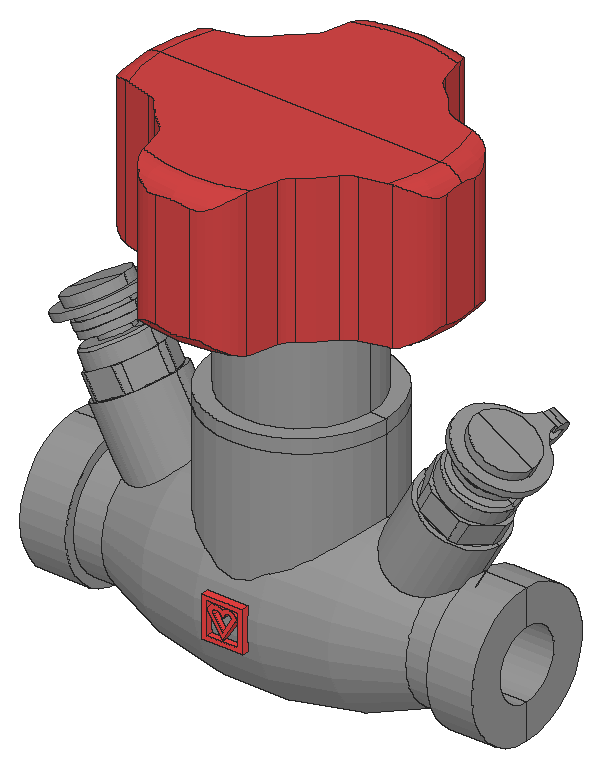
Revit family "HERZ Strömax клапан балансировочный с измерительными клапанами 4217 GM (LF-MF)", category Rohrzubehör, Revit 2018
Family settings
  Bemaßung runder Anschluss = Durchmesser verwenden
  Teiletyp = Unterbricht
  OmniClass-Nummer = 23.65.55.14
  OmniClass-Titel = Valves for Liquid Services
  Arbeitsebenenbasiert = Nein
  Immer vertikal = Ja
  Beim Laden mit Abzugskörper schneiden = Nein
  Gemeinsam genutzt = Nein
Parameters (values of type "LF")
  Среда = "Качество теплоносителя в соответствии с ÖNORM H5195 и VDI 2035.\r\nДопускается использование этилен- и пропиленгликоля в соотношении 25-50% с водой."
  Положение клапана при монтаже = "Неподнимающийся шпиндель, расположенный перпендикулярно оси клапана, обеспечивает доступность и лёгкость в обслуживании в любом монтажном положении."
  Область применения = "Балансировочные клапаны применяются для гидравлической балансировки систем отопления и охлаждения, регулировки магистральных трубопроводов, стояков, теплообменников, регистров отопления и охлаждения."
  Номер заказа [instance] = if(and(LF, Nennweite = 15.00 mm), 1421730, if(and(MF, Nennweite = 15.00 mm), 1421731, 0))  # 1421730
  Макс. рабочее давление = 1600000.0 Pa  # constant formula
  Макс. рабочая температура (с DN40) = 110 °C  # constant formula
  Макс. рабочая температура (до DN32) = 130 °C  # constant formula
  Корпус = "латунь, устойчивая к селективной цинковой коррозии"  # constant formula
  Исполнение = "STRÖMAX-GM Балансировочный клапан с измерительными клапанами, 1/2′′ – 3′′.\r\nИсполнение с прямым невыдвижным шпинделем, муфта х муфта, латунный корпус без покрытия, уплотнение шпинделя двойным кольцевым уплотнением O-Ring, преднастройка посредством ограничения хода внутреннего шпинделя, цифровые показания степени настройки отображаются в окне маховика.\r\nДва измерительных клапана расположены рядом с маховиком."
  Измерение перепада давления = "Клапаны STRÖMAX-GM оснащен двумя измерительными клапанами:\r\nс помощью измерительного прибора можно измерить перепад давления и по нему определить текущий расход в зависимости от степени преднастройки.\r\nHERZ Измерительный компьютер (1 8900 05) позволяет напрямую считывать расход (см. руководство к измерительным приборам)."
  kvs-значения [instance] = if(and(LF, Nennweite = 15.00 mm), 0.93, if(and(MF, Nennweite = 15.00 mm), 3.49, 0))  # 0.93
  W02 = 60.00°  # constant formula
  W01 = 30.00°  # constant formula
  URL = "www.herz-armaturen.ru"
  SC_NennweiteBerechnet = 0
  SC_Dimension = ""
  SCRNSEQ = "ARM;ARM_TYP=\"STRV\";2"
  SCRNCODE = "05;07;02"  # constant formula
  S02 = 60.00 mm  # constant formula
  S01 [instance] = H00 + H01  # 68.20 mm
  R01 [instance] = 21.00 mm  # constant formula
  Nennweite [instance] = 15.00 mm
  ML02 [instance] = 30.20 mm  # constant formula
  ML01 [instance] = 20.67 mm  # constant formula
  MF [instance] = no
  MD01 = 9.50 mm  # constant formula
  LF [instance] = yes
  L02 [instance] = 10.00 mm  # constant formula
  L01 [instance] = 16.30 mm  # constant formula
  L00 [instance] = 100.00 mm  # constant formula
  IG [instance] = Nennweite / 2  # 7.50 mm
  Hersteller = "HERZ Armaturen Ges.m.b.H."  # constant formula
  H04 [instance] = 2.50 mm  # constant formula
  H03 = 10.00 mm  # constant formula
  H02 [instance] = 3.00 mm  # constant formula
  H01 [instance] = 33.30 mm  # constant formula
  H00 [instance] = 34.90 mm  # constant formula
  Вес [instance] = if(and(LF, Nennweite = 15.00 mm), "0.86 kg", if(and(MF, Nennweite = 15.00 mm), "0.89 kg", "0 kg"))  # "0.86 kg"
  GT [instance] = 15.00 mm  # constant formula
  DN50-DN80 [instance] = H00 + H01  # 68.20 mm
  DN15-DN40 [instance] = H00 + H01  # 68.20 mm
  DN15 [instance] = Nennweite = 15.00 mm  # yes
  D06 [instance] = 15.40 mm  # constant formula
  D05 [instance] = 13.15 mm  # constant formula
  D04 = 9.00 mm  # constant formula
  D03 [instance] = 19.00 mm  # constant formula
  D02 [instance] = 15.25 mm  # constant formula
  D01 [instance] = 13.20 mm  # constant formula
Types (3, lengths in mm): name | Номер заказа | kvs-значения | MF | LF | Вес
  (no name) | 1421730 | 0.93 | no | yes | "0.86 kg"
  LF | 1421730 | 0.93 | no | yes | "0.86 kg"
  MF | 1421731 | 3.49 | yes | no | "0.89 kg"
Reference planes
  plane 1 "Mitte (Vorne/hinten)": y = 0
  plane 2: z = 0
  plane 3 "Mitte (Links/rechts)": x = 0
Forms (mm)
  Revolve 1, solid, material "Messing, weicher Gelbton, geschweißt", detail levels fine
    sketch origin (0, 0, 0) x (1, 0, 0) y (0, 0, 1)
      loop
        line (-50, 15.25) -> (-50, 7.5) -> (-35, 7.5) -> (-35, 0) -> (35, 0) -> (35, 7.5) -> (50, 7.5) -> (50, 15.25) -> (40, 15.25) -> (40, 13.2) -> (33.7, 13.2)
        arc (33.7, 13.2) -> (0, 21) -> (-33.7, 13.2) r 76.701
        line (-33.7, 13.2) -> (-40, 13.2) -> (-40, 15.25) -> (-50, 15.25)
      axis (-50, 0) -> (50, 0)
    angle from 0 to 360
  Revolve 2, solid, material "Messing, weicher Gelbton, geschweißt", detail levels fine
    sketch origin (0, 0, 0) x (1, 0, 0) y (0, 0, 1)
      loop
        line (20.67, 0) -> (35.77, 26.154) -> (27.543, 30.904) -> (12.443, 4.75) -> (20.67, 0)
      axis (20.67, 0) -> (35.77, 26.154)
    angle from 0 to 360
  Revolve 3, solid, material "Messing, weicher Gelbton, geschweißt", detail levels fine
    sketch origin (0, 0, 0) x (1, 0, 0) y (0, 0, 1)
      loop
        line (0, 0) -> (0, 34.9) -> (-19, 34.9) -> (-19, 0) -> (0, 0)
      axis (0, 34.9) -> (0, 0)
    angle from 0 to 360
  Revolve 4, solid, material "Messing, weicher Gelbton, geschweißt", detail levels fine
    sketch origin (0, 0, 0) x (-1, 0, 0) y (0, 0, 1)
      loop
        line (20.67, 0) -> (35.77, 26.154) -> (27.543, 30.904) -> (12.443, 4.75) -> (20.67, 0)
      axis (20.67, 0) -> (35.77, 26.154)
    angle from 0 to 360
  Revolve 5, solid, material "Messing, weicher Gelbton, geschweißt", detail levels fine
    sketch origin (0, 0, 0) x (1, 0, 0) y (0, 0, 1)
      loop
        line (0, 34.9) -> (0, 68.2) -> (-9, 68.2) -> (-9, 58.2) -> (-13.15, 58.2) -> (-13.15, 55.7) -> (-15.4, 55.7) -> (-15.4, 37.9) -> (-19, 37.9) -> (-19, 34.9) -> (0, 34.9)
      axis (0, 68.2) -> (0, 34.9)
    angle from 0 to 360
Lines and regions (mm)
  model lines, detail levels coarse+medium
    curve 1: line (-50, 0, 15.25) -> (-50, 0, -15.25)
    curve 2: line (-50, 0, -15.25) -> (50, 0, 15.25)
    curve 3: line (50, 0, 15.25) -> (50, 0, -15.25)
    curve 4: line (50, 0, -15.25) -> (-50, 0, 15.25)
    curve 5: line (0, 0, 0) -> (39.375, 0, 68.2)
    curve 6: line (13.395, 0, 83.2) -> (65.356, 0, 53.2)
    curve 7: line (-50, 15.25, 0) -> (-50, -15.25, 0)
    curve 8: line (-50, -15.25, 0) -> (50, 15.25, 0)
    curve 9: line (50, 15.25, 0) -> (50, -15.25, 0)
    curve 10: line (50, -15.25, 0) -> (-50, 15.25, 0)
    curve 11: line (0, 0, 0) -> (39.375, 68.2, 0)
    curve 12: line (13.395, 83.2, 0) -> (65.356, 53.2, 0)
Dimensions and locks
  "IG": Revolve 1 sketch curve to plane 2
  "GT": Revolve 1 sketch curve to Revolve 1 sketch curve  (x2)
  "IG": Revolve 1 sketch curve to Revolve 1 sketch curve
  "D01": Revolve 1 sketch curve to Revolve 1 sketch curve  (x2)
  "R01": Revolve 1 sketch curve to Revolve 1 sketch curve
  "L02": Revolve 1 sketch curve to Revolve 1 sketch curve  (x2)
  "L01": Revolve 1 sketch curve to Revolve 1 sketch curve  (x2)
  "D02": Revolve 1 sketch curve to plane 2  (x2)
  equal spacing: Revolve 1 sketch curve, plane 3 "Mitte (Links/rechts)", Revolve 1 sketch curve
  "L00": Revolve 1 sketch curve to Revolve 1 sketch curve
  "R01": nested 1 to plane 1 "Mitte (Vorne/hinten)"
  "ML01": Revolve 2 sketch curve to plane 3 "Mitte (Links/rechts)"
  "H00": Revolve 3 sketch curve to plane 2
  "D03": Revolve 3 sketch curve to Revolve 3 sketch curve
  "ML02": Revolve 2 sketch curve to Revolve 2 sketch curve
  "MD01": Revolve 2 sketch curve to Revolve 2 sketch curve  (x2)
  "ML02": Revolve 4 sketch curve to Revolve 4 sketch curve
  "MD01": Revolve 4 sketch curve to Revolve 4 sketch curve  (x2)
  "ML01": plane 3 "Mitte (Links/rechts)" to Revolve 4 sketch curve
  "H00": Revolve 5 sketch curve to plane 2
  "H01": Revolve 5 sketch curve to Revolve 5 sketch curve
  "D04": Revolve 5 sketch curve to Revolve 5 sketch curve
  "D03": Revolve 5 sketch curve to Revolve 5 sketch curve
  "D05": Revolve 5 sketch curve to Revolve 5 sketch curve
  "D06": Revolve 5 sketch curve to Revolve 5 sketch curve
  "H02": Revolve 5 sketch curve to Revolve 5 sketch curve
  "H03": Revolve 5 sketch curve to Revolve 5 sketch curve
  "H04": Revolve 5 sketch curve to Revolve 5 sketch curve
  "DN15-DN40": nested 2 to plane 2
  "D02": curve 4 to plane 2 to curve 2
  "D02": curve 3 to plane 2 to curve 4
  equal spacing: curve 1, plane 3 "Mitte (Links/rechts)", curve 3
  "L00": curve 1 to curve 3
  equal spacing: Revolve 1, curve 5, Revolve 1
  "S01": curve 5 to plane 2
  equal spacing: curve 6, curve 5, curve 6
  "S02": curve 6 to curve 6
  "D02": curve 8 to plane 1 "Mitte (Vorne/hinten)" to curve 10
  "D02": curve 10 to plane 1 "Mitte (Vorne/hinten)" to curve 9
  equal spacing: curve 7, plane 3 "Mitte (Links/rechts)", curve 9
  "L00": curve 7 to curve 9
  equal spacing: curve 7, curve 11, curve 9
  "S01": plane 1 "Mitte (Vorne/hinten)" to curve 11
  equal spacing: curve 12, curve 11, curve 12
  "S02": curve 12 to curve 12
  "W01": angle Revolve 2 sketch curve to plane 3 "Mitte (Links/rechts)"  (x2)
  "W01": angle plane 3 "Mitte (Links/rechts)" to Revolve 4 sketch curve  (x2)
  "W02": angle plane 2 to curve 5
  "W02": angle plane 1 "Mitte (Vorne/hinten)" to curve 11
  aligned and locked: level to plane 2
Automatic sketch dimensions
  Revolve 1 sketch curve to level = 0.00 mm  (x2)
  Revolve 1 sketch curve to Revolve 1 sketch curve = 1429.986 mm
  Revolve 1 sketch curve to Revolve 1 sketch curve = 1762.604 mm
  Revolve 2 sketch curve to level = 0.00 mm  (x2)
  Revolve 3 sketch curve to level = 0.00 mm
  Revolve 3 sketch curve to plane 3 "Mitte (Links/rechts)" = 0.00 mm  (x2)
  Revolve 3 sketch curve to Revolve 3 sketch curve = 366.045 mm
  Revolve 3 sketch curve to Revolve 3 sketch curve = 2179.415 mm
  Revolve 4 sketch curve to level = 0.00 mm  (x2)
  Revolve 5 sketch curve to plane 3 "Mitte (Links/rechts)" = 0.00 mm  (x2)
  Revolve 5 sketch curve to level = 366.045 mm
  Revolve 5 sketch curve to Revolve 5 sketch curve = 2146.115 mm
Nested families
  nested 1: "Herz-Logo-vorne" at (0, -21, 0) x (0, 1, 0) z (0, 0, 1), type "Herz-Logo-vorne", detail levels fine
  nested 2: "Strangregulierventil-Handrad-Gerade (Rot) DN15-DN40" at (0, 0, 68.2), visible <- "DN15", type "Strangregulierventil-Handrad-Gerade (Rot) DN15-DN40", detail levels fine
    with Nennweite 0.00 mm, Gewicht 0.00 kg, Bestellnummer 0
  nested 3: "Messstutzen_Band_Austritt_30Grad_(oben)" at (27.02, 0, 10.999), visible <- "DN15", type "Messstutzen_Band_Austritt_30Grad_(oben)", detail levels fine
    with Schutzkappe yes, Nennweite 0.00 mm, Gewicht 0.00 kg, Bestellnummer 0
  nested 4: "Messstutzen_Band_Eintritt_30Grad_(oben)" at (-27.02, 0, 10.999) x (-1, 0, 0) z (0, 0, 1), visible <- "DN15", type "Messstutzen_Band_Eintritt_30Grad_(oben)", detail levels fine
    with Schutzkappe yes, Nennweite 0.00 mm, Gewicht 0.00 kg, Bestellnummer 0
Connectors
  piping at (-35, 0, 0), diameter 15, driven by "Nennweite"
    settings: on Revolve 1, index 1, connector inside diameter 609.6 mm, connector length 0.00 mm, flow factor 0, pipe flow 0.0 L/s, pressure drop 0.0 Pa, fitting loss kfactor 0, connector angle 0.00°, fixture units 0, engagement length 0.00 mm, angle of deflection 0.00°, flow configuration 0, flow direction 1, fitting loss method 0, system type 29, joint type 0, gender type 0, connector reference index -1, connector utility 0, adjustable connector no, is connector primary yes, connector description ""
  piping at (35, 0, 0), diameter 15, driven by "Nennweite"
    settings: on Revolve 1, index 2, connector inside diameter 609.6 mm, connector length 0.00 mm, flow factor 0, pipe flow 0.0 L/s, pressure drop 0.0 Pa, fitting loss kfactor 0, connector angle 0.00°, fixture units 0, engagement length 0.00 mm, angle of deflection 0.00°, flow configuration 0, flow direction 2, fitting loss method 0, system type 29, joint type 0, gender type 0, connector reference index -1, connector utility 0, adjustable connector no, is connector primary no, connector description ""
Definition of nested family "Herz-Logo-vorne"
  Reference planes
    plane 1 "Mitte (Vorne/hinten)": y = 0
    plane 2: z = 0
    plane 3 "Mitte (Links/rechts)": x = 0
  Forms (mm)
    Extrusion 1, solid
      sketch origin (0.732, -0.018, 0.017) x (0, -1, 0) y (0, 0, 1)
        loop
          line (-0.018, -4.517) -> (4.482, -4.517) -> (4.482, 4.483) -> (-4.518, 4.483) -> (-4.518, -4.517) -> (-0.018, -4.517)
        loop
          line (-0.05, -3.48) -> (3.482, -3.48) -> (3.482, 3.483) -> (-3.518, 3.483) -> (-3.518, -3.48) -> (-0.05, -3.48)
        loop
          arc (-0.018, 2.383) -> (-1.543, 3.287) -> (-3.067, 2.383) r 1.738
          arc (-3.067, 2.383) -> (-3.191, 1.899) -> (-3.067, 1.415) r 1.009
          line (-3.067, 1.415) -> (-0.018, -3.281) -> (3.032, 1.415)
          arc (3.032, 1.415) -> (3.156, 1.899) -> (3.032, 2.383) r 1.009
          arc (3.032, 2.383) -> (1.507, 3.287) -> (-0.018, 2.383) r 1.738
        loop
          arc (1.885, 1.272) -> (2.005, 1.675) -> (1.885, 2.079) r 0.74
          arc (1.885, 2.079) -> (1.265, 2.416) -> (0.644, 2.079) r 0.74
          line (0.644, 2.079) -> (-0.018, 0.97) -> (-0.679, 2.079)
          arc (-0.679, 2.079) -> (-1.3, 2.416) -> (-1.921, 2.079) r 0.74
          arc (-1.921, 2.079) -> (-2.04, 1.675) -> (-1.921, 1.272) r 0.74
          line (-1.921, 1.272) -> (-0.018, -1.658) -> (1.885, 1.272)
      from 0 to 1.5
  Dimensions and locks
    aligned and locked: level to plane 2
Definition of nested family "Strangregulierventil-Handrad-Gerade (Rot) DN15-DN40"
  Parameters (values of type "Strangregulierventil-Handrad-Gerade (Rot) DN15-DN40")
    URL = "www.herz-armaturen.at"
    Nennweite [instance] = 0.00 mm
    Manufacturer = "Herz Armaturen GmbH"  # constant formula
    Gewicht [instance] = 0.00 kg
    Bestellnummer [instance] = 0
  Reference planes
    plane 1 "Mitte (Vorne/hinten)": y = 0
    plane 2: z = 0
    plane 3 "Mitte (Links/rechts)": x = 0
  Forms (mm)
    Revolve 1, solid, detail levels fine
      sketch origin (0, 0, 0) x (1, 0, 0) y (0, 0, 1)
        loop
          line (0, 0) -> (0, 24.95) -> (-30.992, 24.95)
          arc (-30.992, 24.95) -> (-34.37, 23.636) -> (-35.973, 20.386) r 5
          line (-35.973, 20.386) -> (-37, 8.65) -> (-35.986, -2.936)
          arc (-35.986, -2.936) -> (-34.383, -6.186) -> (-31.005, -7.5) r 5
          line (-31.005, -7.5) -> (-15, -7.5) -> (-15, 0) -> (0, 0)
        axis (0, 24.95) -> (0, -7.5)
      angle from 0 to 360
    Extrusion 2, void
      sketch origin (0, 0, 20.3) x (1, 0, 0) y (0, 1, 0)
        loop
          line (3.861, 35.5) -> (-3.861, 35.5)
          arc (-3.861, 35.5) -> (-8.731, 33.847) -> (-11.589, 29.571) r 8
          line (-11.589, 29.571) -> (-13.284, 23.245)
          arc (-13.284, 23.245) -> (-13.982, 21.722) -> (-15.144, 20.516) r 5
          arc (-15.144, 20.516) -> (-18.031, 18.031) -> (-20.516, 15.144) r 25.5
          arc (-20.516, 15.144) -> (-21.722, 13.982) -> (-23.245, 13.284) r 5
          line (-23.245, 13.284) -> (-29.571, 11.589)
          arc (-29.571, 11.589) -> (-33.847, 8.731) -> (-35.5, 3.861) r 8
          line (-35.5, 3.861) -> (-35.5, -3.861)
          arc (-35.5, -3.861) -> (-33.847, -8.731) -> (-29.571, -11.589) r 8
          line (-29.571, -11.589) -> (-23.245, -13.284)
          arc (-23.245, -13.284) -> (-21.722, -13.982) -> (-20.516, -15.144) r 5
          arc (-20.516, -15.144) -> (-18.031, -18.031) -> (-15.144, -20.516) r 25.5
          arc (-15.144, -20.516) -> (-13.982, -21.722) -> (-13.284, -23.245) r 5
          line (-13.284, -23.245) -> (-11.589, -29.571)
          arc (-11.589, -29.571) -> (-8.731, -33.847) -> (-3.861, -35.5) r 8
          line (-3.861, -35.5) -> (3.861, -35.5)
          arc (3.861, -35.5) -> (8.731, -33.847) -> (11.589, -29.571) r 8
          line (11.589, -29.571) -> (13.284, -23.245)
          arc (13.284, -23.245) -> (13.982, -21.722) -> (15.144, -20.516) r 5
          arc (15.144, -20.516) -> (18.031, -18.031) -> (20.516, -15.144) r 25.5
          arc (20.516, -15.144) -> (21.722, -13.982) -> (23.245, -13.284) r 5
          line (23.245, -13.284) -> (29.571, -11.589)
          arc (29.571, -11.589) -> (33.847, -8.731) -> (35.5, -3.861) r 8
          line (35.5, -3.861) -> (35.5, 3.861)
          arc (35.5, 3.861) -> (33.847, 8.731) -> (29.571, 11.589) r 8
          line (29.571, 11.589) -> (23.245, 13.284)
          arc (23.245, 13.284) -> (21.722, 13.982) -> (20.516, 15.144) r 5
          arc (20.516, 15.144) -> (18.031, 18.031) -> (15.144, 20.516) r 25.5
          arc (15.144, 20.516) -> (13.982, 21.722) -> (13.284, 23.245) r 5
          line (13.284, 23.245) -> (11.589, 29.571)
          arc (11.589, 29.571) -> (8.731, 33.847) -> (3.861, 35.5) r 8
        loop
          circle (0, 0) r 38
      from -31.266 to 7.923
  Cuts and joins
    Extrusion 2 cuts Revolve 1
  Dimensions and locks
    Revolve 1 sketch curve to Revolve 1 sketch curve = 15.00 mm
    Revolve 1 sketch curve to Revolve 1 sketch curve = 16.15 mm
    Revolve 1 sketch curve to Revolve 1 sketch curve = 16.30 mm
    angle Revolve 1 sketch curve to Revolve 1 sketch curve = 95.00°
    aligned and locked: level to plane 2
Definition of nested family "Messstutzen_Band_Austritt_30Grad_(oben)"
  Parameters (values of type "Messstutzen_Band_Austritt_30Grad_(oben)")
    URL = "www.herz-armaturen.at"
    Schutzkappe [instance] = yes
    Nennweite [instance] = 0.00 mm
    Manufacturer = "Herz Armaturen GmbH"  # constant formula
    Gewicht [instance] = 0.00 kg
    Bestellnummer [instance] = 0
  Reference planes
    plane 1 "Mitte (Vorne/hinten)": y = 0
    plane 2: z = 0
    plane 3 "Mitte (Links/rechts)": x = 0
  Forms (mm)
    Revolve 1, solid, detail levels fine
      sketch origin (0, 0, 0) x (0.866025, 0, -0.5) y (0.5, 0, 0.866025)
        loop
          line (-7.4, 9) -> (-5.55, 9) -> (-5.55, 6)
          arc (-5.55, 6) -> (-5.626, 5.617) -> (-5.843, 5.293) r 1
          line (-5.843, 5.293) -> (-6.455, 4.681) -> (-6.455, 0.9) -> (-5.555, 0) -> (-2, 0) -> (-2, 17.5) -> (-8.4, 17.5)
          arc (-8.4, 17.5) -> (-7.693, 17.207) -> (-7.4, 16.5) r 1
          line (-7.4, 16.5) -> (-7.4, 9)
        loop
          line (-3.7, 27) -> (-7.3, 27) -> (-7.9, 26.4) -> (-7.9, 23) -> (-2, 23) -> (-2, 35.8) -> (-3.805, 35.8) -> (-4.415, 35.19) -> (-4.415, 30.863) -> (-3.7, 30.45) -> (-3.7, 27)
        axis (0, 0) -> (0, 35.8)
      angle from 0 to 360
    Extrusion 2, solid, detail levels fine
      sketch origin (8.75, 0, 15.155) x (0, 1, 0) y (-0.866025, 0, 0.5)
        loop
          arc (-7.07, 5.156) -> (-7.578, 4.375) -> (-8, 3.544) r 8.75
          line (-8, 3.544) -> (-8, -3.544)
          arc (-8, -3.544) -> (-7.578, -4.375) -> (-7.07, -5.156) r 8.75
          line (-7.07, -5.156) -> (-0.93, -8.7)
          arc (-0.93, -8.7) -> (0, -8.75) -> (0.93, -8.7) r 8.75
          line (0.93, -8.7) -> (7.07, -5.156)
          arc (7.07, -5.156) -> (7.578, -4.375) -> (8, -3.544) r 8.75
          line (8, -3.544) -> (8, 3.544)
          arc (8, 3.544) -> (7.578, 4.375) -> (7.07, 5.156) r 8.75
          line (7.07, 5.156) -> (0.93, 8.7)
          arc (0.93, 8.7) -> (0, 8.75) -> (-0.93, 8.7) r 8.75
          line (-0.93, 8.7) -> (-7.07, 5.156)
      from 0 to 5.5
    Revolve 3, solid, visible <- "Schutzkappe", detail levels fine
      sketch origin (0, 0, 0) x (0.866025, 0, -0.5) y (0.5, 0, 0.866025)
        loop
          line (0, 35.878) -> (0, 36.678) -> (-7, 36.678) -> (-7, 33.378) -> (-6.1, 33.378) -> (-6.1, 31.678) -> (-6.9, 31.678) -> (-6.9, 30.178) -> (-4.415, 30.178) -> (-4.415, 35.268) -> (-3.805, 35.878) -> (0, 35.878)
        axis (0, 30.178) -> (0, 36.678)
      angle from 0 to 360
    Extrusion 4, solid, detail levels fine
      sketch origin (14.25, 0, 24.682) x (0, 1, 0) y (0.866025, 0, -0.5)
        loop
          circle (0, 0) r 3.7
        loop
          arc (5.505, -3.906) -> (7.288, -2.358) -> (9.582, -1.8) r 5
          line (9.582, -1.8) -> (9.582, 1.8)
          arc (9.582, 1.8) -> (7.288, 2.358) -> (5.505, 3.906) r 5
          arc (5.505, 3.906) -> (-6.75, 0) -> (5.505, -3.906) r 6.75
      from 0 to -1.5
    Extrusion 5, solid, detail levels fine
      sketch origin (16.589, 0, 28.733) x (0, 1, 0) y (0.866025, 0, -0.5)
        loop
          circle (0, 0) r 6.1
        loop
          arc (8.652, -4.495) -> (10.493, -2.527) -> (13.089, -1.8) r 5
          line (13.089, -1.8) -> (13.089, 1.8)
          arc (13.089, 1.8) -> (10.493, 2.527) -> (8.652, 4.495) r 5
          arc (8.652, 4.495) -> (-9.75, 0) -> (8.652, -4.495) r 9.75
      from 0 to -1.5
    Sweep 6, solid, detail levels fine
      path origin (1.029, 0.159, 0.98) x (-0.5, 0, -0.866025) y (0, 1, 0)
        loop
          line (-27.75, 9.582) -> (-27.75, 14.522)
          arc (-27.75, 14.522) -> (-30.089, 16.862) -> (-32.428, 14.522) r 2.339
          line (-32.428, 14.522) -> (-32.428, 13.089)
      profile origin (14.904, 12.211, 25.012) x (0.5, 0, 0.866025) y (0.866025, 0, -0.5)
        loop
          line (-0.75, -1.8) -> (0.75, -1.8) -> (0.75, 1.8) -> (-0.75, 1.8) -> (-0.75, -1.8)
  Dimensions and locks
    aligned and locked: level to plane 2
Definition of nested family "Messstutzen_Band_Eintritt_30Grad_(oben)"
  Parameters (values of type "Messstutzen_Band_Eintritt_30Grad_(oben)")
    URL = "www.herz-armaturen.at"
    Schutzkappe [instance] = yes
    Nennweite [instance] = 0.00 mm
    Manufacturer = "Herz Armaturen GmbH"  # constant formula
    Gewicht [instance] = 0.00 kg
    Bestellnummer [instance] = 0
  Reference planes
    plane 1 "Mitte (Vorne/hinten)": y = 0
    plane 2: z = 0
    plane 3 "Mitte (Links/rechts)": x = 0
  Forms (mm)
    Revolve 1, solid, detail levels fine
      sketch origin (0, 0, 0) x (0.866025, 0, -0.5) y (0.5, 0, 0.866025)
        loop
          line (-7.4, 9) -> (-5.55, 9) -> (-5.55, 6)
          arc (-5.55, 6) -> (-5.626, 5.617) -> (-5.843, 5.293) r 1
          line (-5.843, 5.293) -> (-6.455, 4.681) -> (-6.455, 0.9) -> (-5.555, 0) -> (-2, 0) -> (-2, 17.5) -> (-8.4, 17.5)
          arc (-8.4, 17.5) -> (-7.693, 17.207) -> (-7.4, 16.5) r 1
          line (-7.4, 16.5) -> (-7.4, 9)
        loop
          line (-3.7, 27) -> (-7.3, 27) -> (-7.9, 26.4) -> (-7.9, 23) -> (-2, 23) -> (-2, 35.8) -> (-3.805, 35.8) -> (-4.415, 35.19) -> (-4.415, 30.863) -> (-3.7, 30.45) -> (-3.7, 27)
        axis (0, 0) -> (0, 35.8)
      angle from 0 to 360
    Extrusion 2, solid, detail levels fine
      sketch origin (8.75, 0, 15.155) x (0, 1, 0) y (-0.866025, 0, 0.5)
        loop
          arc (-7.07, 5.156) -> (-7.578, 4.375) -> (-8, 3.544) r 8.75
          line (-8, 3.544) -> (-8, -3.544)
          arc (-8, -3.544) -> (-7.578, -4.375) -> (-7.07, -5.156) r 8.75
          line (-7.07, -5.156) -> (-0.93, -8.7)
          arc (-0.93, -8.7) -> (0, -8.75) -> (0.93, -8.7) r 8.75
          line (0.93, -8.7) -> (7.07, -5.156)
          arc (7.07, -5.156) -> (7.578, -4.375) -> (8, -3.544) r 8.75
          line (8, -3.544) -> (8, 3.544)
          arc (8, 3.544) -> (7.578, 4.375) -> (7.07, 5.156) r 8.75
          line (7.07, 5.156) -> (0.93, 8.7)
          arc (0.93, 8.7) -> (0, 8.75) -> (-0.93, 8.7) r 8.75
          line (-0.93, 8.7) -> (-7.07, 5.156)
      from 0 to 5.5
    Revolve 3, solid, visible <- "Schutzkappe", detail levels fine
      sketch origin (0, 0, 0) x (0.866025, 0, -0.5) y (0.5, 0, 0.866025)
        loop
          line (0, 35.878) -> (0, 36.678) -> (-7, 36.678) -> (-7, 33.378) -> (-6.1, 33.378) -> (-6.1, 31.678) -> (-6.9, 31.678) -> (-6.9, 30.178) -> (-4.415, 30.178) -> (-4.415, 35.268) -> (-3.805, 35.878) -> (0, 35.878)
        axis (0, 30.178) -> (0, 36.678)
      angle from 0 to 360
    Extrusion 4, solid, detail levels fine
      sketch origin (14.25, 0, 24.682) x (0, 1, 0) y (0.866025, 0, -0.5)
        loop
          circle (0, 0) r 3.7
        loop
          arc (5.505, -3.906) -> (7.288, -2.358) -> (9.582, -1.8) r 5
          line (9.582, -1.8) -> (9.582, 1.8)
          arc (9.582, 1.8) -> (7.288, 2.358) -> (5.505, 3.906) r 5
          arc (5.505, 3.906) -> (-6.75, 0) -> (5.505, -3.906) r 6.75
      from 0 to -1.5
    Extrusion 5, solid, detail levels fine
      sketch origin (16.589, 0, 28.733) x (0, 1, 0) y (0.866025, 0, -0.5)
        loop
          circle (0, 0) r 6.1
        loop
          arc (8.652, -4.495) -> (10.493, -2.527) -> (13.089, -1.8) r 5
          line (13.089, -1.8) -> (13.089, 1.8)
          arc (13.089, 1.8) -> (10.493, 2.527) -> (8.652, 4.495) r 5
          arc (8.652, 4.495) -> (-9.75, 0) -> (8.652, -4.495) r 9.75
      from 0 to -1.5
    Sweep 6, solid, detail levels fine
      path origin (0.933, -0.183, 1.116) x (-0.5, 0, -0.866025) y (0, 1, 0)
        loop
          line (-27.75, 9.582) -> (-27.75, 14.522)
          arc (-27.75, 14.522) -> (-30.089, 16.862) -> (-32.428, 14.522) r 2.339
          line (-32.428, 14.522) -> (-32.428, 13.089)
      profile origin (14.808, 11.869, 25.148) x (0.5, 0, 0.866025) y (0.866025, 0, -0.5)
        loop
          line (-0.75, -1.8) -> (0.75, -1.8) -> (0.75, 1.8) -> (-0.75, 1.8) -> (-0.75, -1.8)
  Dimensions and locks
    aligned and locked: level to plane 2
